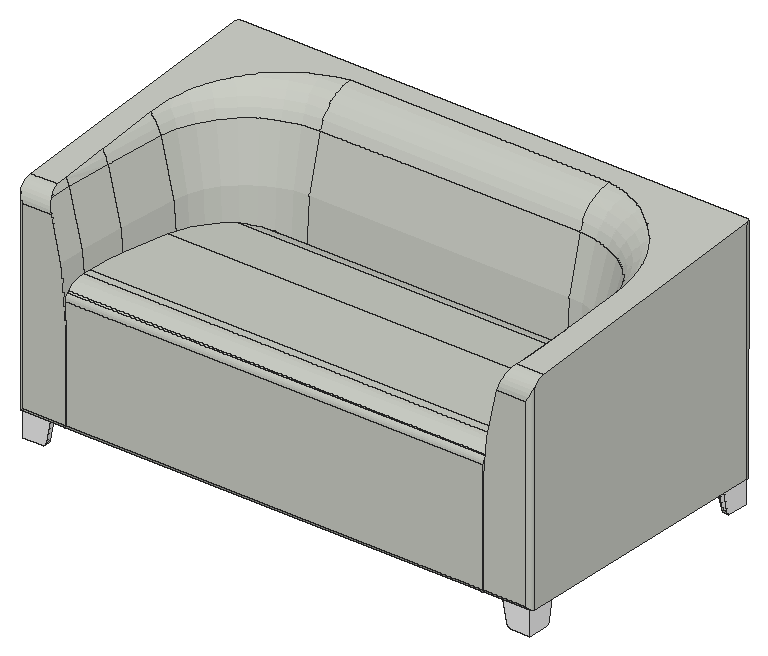
Revit family "Elan_Ellsworth_One_LoveSeat", category Furniture, Revit 2012
Parameters
  Width = 4' - 8"  # constant formula
  URL = "http://elanbydecca.com/"
  Upholstery [instance] = Furniture - DECCA (Elan) - Ellsworth - Upholstery
  Base [instance] = Furniture - DECCA (Elan) - Ellsworth - Base
  Product URL = "http://elanbydecca.com/PDFs/TearSheet/Ellsworth%20Tear%20Sheet.pdf"
  Model = "MK TL400U"
  Manufacturer = "Decca Elan"
  Height = 2' - 4"  # constant formula
  Description = "Ellsworth One Love Seat"
  Depth = 2' - 6"  # constant formula
  Assembly Description = "Furniture & Accessories"
  Assembly Code = "E2020200"
Reference planes (in)
  plane 1 "Center Front/Back": y = -0.7523997
  plane 2: z = 0
  plane 3 "Center Left/Right": x = 0
  plane 4 "F": y = -15.7523997
  plane 5: y = 14.2476003
  plane 6: through (-6.2533827, 2.3323677, 23.3895262) normal (0.4297, -0.4297, 0.7941)
  plane 7 "ST": z = 28
  plane 8 "BB": z = 2.875
  plane 9: z = 0.1875
  plane 10: x = -13.1875
  plane 11: x = 13.1875
  plane 12: y = -12.7523997
  plane 13: y = 11.2476003
  plane 14: z = 17
  plane 15: y = 6.2163396
  plane 16: x = -28
  plane 17: x = 28
Forms (in)
  Sweep 1, solid, material "Furniture - DECCA (Elan) - Ellsworth - Upholstery" <- "Upholstery"
    path origin (0, 0, 2.875) x (-1, 0, 0) y (0, -1, 0)
      loop
        line (-22.8074654, 15.7523997) -> (-22.8074654, 12.8786985)
        arc (-22.8074654, 12.8786985) -> (-22.763605, 10.3659347) -> (-22.632077, 7.8562324) r 72
        line (-22.632077, 7.8562324) -> (-22.1684186, 1.2256086)
        arc (-22.1684186, 1.2256086) -> (-19.6438931, -4.0671692) -> (-14.1879062, -6.2163396) r 8
        line (-14.1879062, -6.2163396) -> (14.1879062, -6.2163396)
        arc (14.1879062, -6.2163396) -> (19.6438931, -4.0671692) -> (22.1684186, 1.2256086) r 8
        line (22.1684186, 1.2256086) -> (22.632077, 7.8562324)
        arc (22.632077, 7.8562324) -> (22.763605, 10.3659347) -> (22.8074654, 12.8786985) r 72
        line (22.8074654, 12.8786985) -> (22.8074654, 15.7523997)
    profile origin (0, 6.2163396, 2.875) x (0, -1, 0) y (0, 0, 1)
      loop
        line (0, 0) -> (0, 10.0216963)
        arc (0, 10.0216963) -> (-0.4940232, 15.9652318) -> (-1.9625341, 21.7456425) r 36
        arc (-1.9625341, 21.7456425) -> (-3.510919, 23.9274319) -> (-5.992833, 24.9263332) r 4.75
        line (-5.992833, 24.9263332) -> (-15.5, 25.8529092) -> (-15.5, 0) -> (0, 0)
  Extrusion 2, void
    sketch origin (0, 0, 0) x (0, 1, 0) y (0, 0, 1)
      loop
        line (22.7476003, 28.8284167) -> (22.7476003, 31.5) -> (-19.7523997, 31.5) -> (-19.7523997, 0) -> (-15.2523997, 0) -> (-15.2523997, 2.875) -> (-15.4398997, 2.875)
        arc (-15.4398997, 2.875) -> (-15.6608706, 2.9665291) -> (-15.7523997, 3.1875) r 0.3125
        line (-15.7523997, 3.1875) -> (-15.7523997, 23.2616219)
        arc (-15.7523997, 23.2616219) -> (-15.2336163, 24.605496) -> (-13.9464021, 25.2521905) r 2
        line (-13.9464021, 25.2521905) -> (22.7476003, 28.8284167)
    from -30.6080079 to 29.375
  Extrusion 3, void
    sketch origin (0, 0, 2.875) x (-1, 0, 0) y (0, -1, 0)
      loop
        line (28, -13.7476003) -> (28, 15.2523997)
        arc (28, 15.2523997) -> (27.8535534, 15.6059531) -> (27.5, 15.7523997) r 0.5
        line (27.5, 15.7523997) -> (-27.5, 15.7523997)
        arc (-27.5, 15.7523997) -> (-27.8535534, 15.6059531) -> (-28, 15.2523997) r 0.5
        line (-28, 15.2523997) -> (-28, -13.7476003)
        arc (-28, -13.7476003) -> (-27.8535534, -14.1011536) -> (-27.5, -14.2476003) r 0.5
        line (-27.5, -14.2476003) -> (27.5, -14.2476003)
        arc (27.5, -14.2476003) -> (27.8535534, -14.1011536) -> (28, -13.7476003) r 0.5
      loop
        arc (27.5, -26.2476003) -> (36.3388348, -22.586435) -> (40, -13.7476003) r 12.5
        line (40, -13.7476003) -> (40, 15.2523997)
        arc (40, 15.2523997) -> (36.3388348, 24.0912345) -> (27.5, 27.7523997) r 12.5
        line (27.5, 27.7523997) -> (-27.5, 27.7523997)
        arc (-27.5, 27.7523997) -> (-36.3388348, 24.0912345) -> (-40, 15.2523997) r 12.5
        line (-40, 15.2523997) -> (-40, -13.7476003)
        arc (-40, -13.7476003) -> (-36.3388348, -22.586435) -> (-27.5, -26.2476003) r 12.5
        line (-27.5, -26.2476003) -> (27.5, -26.2476003)
    from -2.875 to 28.625
  Extrusion 4, solid, material "Furniture - DECCA (Elan) - Ellsworth - Upholstery" <- "Upholstery"
    sketch origin (0, 0, 0) x (0, 1, 0) y (0, 0, 1)
      loop
        line (6.2163396, 2.875) -> (6.2163396, 13.8704933)
        arc (6.2163396, 13.8704933) -> (6.0951567, 14.347652) -> (5.7609786, 14.7091639) r 1
        line (5.7609786, 14.7091639) -> (5.5897111, 14.8203862)
        arc (5.5897111, 14.8203862) -> (4.8088435, 15.2135656) -> (3.9612061, 15.4277039) r 4
        line (3.9612061, 15.4277039) -> (-2.4371565, 16.3159994)
        arc (-2.4371565, 16.3159994) -> (-7.3758173, 16.8287963) -> (-12.338077, 17) r 72
        line (-12.338077, 17) -> (-13.278241, 17)
        arc (-13.278241, 17) -> (-14.3533448, 16.8007413) -> (-15.2856328, 16.2294345) r 3
        line (-15.2856328, 16.2294345) -> (-15.4215303, 16.1070718)
        arc (-15.4215303, 16.1070718) -> (-15.6659452, 15.7706636) -> (-15.7523997, 15.3639269) r 1
        line (-15.7523997, 15.3639269) -> (-15.7523997, 3.1875)
        arc (-15.7523997, 3.1875) -> (-15.6608706, 2.9665291) -> (-15.4398997, 2.875) r 0.3125
        line (-15.4398997, 2.875) -> (6.2163396, 2.875)
    from -25.7897609 to 25.6587074
  Extrusion 5, void
    sketch origin (0, 0, 2.875) x (-1, 0, 0) y (0, -1, 0)
      loop
        arc (-14.1879062, -6.2163396) -> (-19.6438931, -4.0671692) -> (-22.1684186, 1.2256086) r 8
        line (-22.1684186, 1.2256086) -> (-22.632077, 7.8562324)
        arc (-22.632077, 7.8562324) -> (-22.763605, 10.3659347) -> (-22.8074654, 12.8786985) r 72
        line (-22.8074654, 12.8786985) -> (-22.8074654, 15.7523997) -> (-26.1925346, 15.7523997) -> (-26.1925346, -11.2476003) -> (26.3074654, -11.2476003) -> (26.3074654, 15.7523997) -> (22.8074654, 15.7523997) -> (22.8074654, 12.8786985)
        arc (22.8074654, 12.8786985) -> (22.763605, 10.3659347) -> (22.632077, 7.8562324) r 72
        line (22.632077, 7.8562324) -> (22.1684186, 1.2256086)
        arc (22.1684186, 1.2256086) -> (19.6438931, -4.0671692) -> (14.1879062, -6.2163396) r 8
        line (14.1879062, -6.2163396) -> (-14.1879062, -6.2163396)
    from 0 to 15.8970439
Cuts and joins
  Extrusion 2, Extrusion 3 cuts Sweep 1
  Extrusion 5 cuts Extrusion 4
Lines and regions (in)
  model lines
    curve 1: arc (0, 6.2163396, 13.8704933) -> (0, 6.0782038, 14.3776325) -> (0, 5.7019593, 14.7446635) r 1
    curve 2: arc (0, 5.5897111, 14.8203862) -> (0, 4.8088435, 15.2135656) -> (0, 3.9612061, 15.4277039) r 4
    curve 3: line (0, 3.9612061, 15.4277039) -> (0, -2.4371565, 16.3159994)
    curve 4: arc (0, -2.4371565, 16.3159994) -> (0, -7.3758173, 16.8287963) -> (0, -12.338077, 17) r 72
    curve 5: line (0, -12.338077, 17) -> (0, -13.278241, 17)
    curve 6: arc (0, -13.278241, 17) -> (0, -14.3533448, 16.8007413) -> (0, -15.2856328, 16.2294345) r 3
    curve 7: arc (0, -15.4215303, 16.1070718) -> (0, -15.6659452, 15.7706636) -> (0, -15.7523997, 15.3639269) r 1
    curve 8: line (0, -15.7523997, 15.3639269) -> (0, -15.7523997, 3.1875)
    curve 9: arc (0, -15.4398997, 2.875) -> (0, -15.6608706, 2.9665291) -> (0, -15.7523997, 3.1875) r 0.3125
Dimensions and locks (in)
  equal spacing: plane 5, plane 1 "Center Front/Back", plane 4 "F"
  "Depth": plane 5 to plane 4 "F"
  "Height": plane 7 "ST" to level
  locked: plane 12 to plane 4 "F" at 3
  locked: plane 5 to plane 13 at 3
  plane 14 to level = 1' - 5"
Automatic sketch dimensions
  Sweep 1 sketch curve to plane 4 "F" = 0' - 0"  (x2)
  plane 15 to Sweep 1 sketch curve = 0' - 0"
  plane 12 to Sweep 1 sketch curve = 0' - 0.1263"  (x2)
  Sweep 1 sketch curve to plane 11 = 0' - 9.61997"
  Sweep 1 sketch curve to plane 11 = 0' - 9.44458"
  plane 1 "Center Front/Back" to Sweep 1 sketch curve = 0' - 0.47321"  (x2)
  Sweep 1 sketch curve to plane 11 = 0' - 8.98092"
  plane 3 "Center Left/Right" to Sweep 1 sketch curve = 1' - 2.18791"
  plane 1 "Center Front/Back" to Sweep 1 sketch curve = 0' - 1 1/32"
  Sweep 1 sketch curve to plane 3 "Center Left/Right" = 1' - 2.18791"
  Sweep 1 sketch curve to plane 10 = 0' - 9.44458"
  Sweep 1 sketch curve to Sweep 1 sketch curve = 0' - 0.17539"
  Extrusion 3 sketch curve to plane 4 "F" = 0' - 0"
  Extrusion 3 sketch curve to plane 5 = 0' - 0"
  Extrusion 3 sketch curve to Extrusion 3 sketch curve = 0' - 0"  (x11)
  Sweep 1 sketch curve to plane 8 "BB" = 0' - 0"
  Sweep 1 sketch curve to profile plane = 0' - 0"
  profile plane to Sweep 1 sketch curve = 0' - 1.96253"
  Sweep 1 sketch curve to Sweep 1 sketch curve = 0' - 0"
  Sweep 1 sketch curve to Sweep 1 sketch curve = 0' - 4.0303"
  Sweep 1 sketch curve to Sweep 1 sketch curve = 0' - 0.46076"
  Sweep 1 sketch curve to Sweep 1 sketch curve = 1' - 3 1/2"
  plane 8 "BB" to Sweep 1 sketch curve = 0' - 10.0217"
  Sweep 1 sketch curve to Sweep 1 sketch curve = 1' - 8 1/2"
  Sweep 1 sketch curve to Sweep 1 sketch curve = 0' - 0.92658"
  Extrusion 4 sketch curve to plane 4 "F" = 0' - 0"
  Extrusion 4 sketch curve to plane 8 "BB" = 0' - 0"
  plane 14 to Extrusion 4 sketch curve = 0' - 0"
  Extrusion 4 sketch curve to plane 15 = 0' - 0"
  plane 4 "F" to Extrusion 4 sketch curve = 0' - 0.33087"
  Extrusion 4 sketch curve to Extrusion 4 sketch curve = 0' - 0.1359"
  plane 4 "F" to Extrusion 4 sketch curve = 0' - 0 5/16"
  Extrusion 4 sketch curve to Extrusion 4 sketch curve = 0' - 1"  (x2)
  plane 12 to Extrusion 4 sketch curve = 0' - 0.52584"
  Extrusion 4 sketch curve to plane 12 = 0' - 0.41432"
  plane 14 to Extrusion 4 sketch curve = 0' - 0.684"
  plane 1 "Center Front/Back" to Extrusion 4 sketch curve = 0' - 1.68476"
  plane 15 to Extrusion 4 sketch curve = 0' - 2.80518"
  plane 15 to Extrusion 4 sketch curve = 0' - 2.25513"
  plane 15 to Extrusion 4 sketch curve = 0' - 0.62663"
  Extrusion 4 sketch curve to Extrusion 4 sketch curve = 0' - 0.17127"
  plane 14 to Extrusion 4 sketch curve = 0' - 5.5343"
  Extrusion 4 sketch curve to Extrusion 4 sketch curve = 0' - 2.40479"
  Extrusion 4 sketch curve to Extrusion 4 sketch curve = 0' - 3"
  Extrusion 4 sketch curve to Extrusion 4 sketch curve = 0' - 0.11122"
  Extrusion 4 sketch curve to Extrusion 4 sketch curve = 0' - 0.86551"
  Extrusion 5 sketch curve to plane 13 = 0' - 0"
  Extrusion 5 sketch curve to plane 4 "F" = 0' - 0"  (x2)
  plane 15 to Extrusion 5 sketch curve = 0' - 0"
  plane 12 to Extrusion 5 sketch curve = 0' - 0.1263"  (x2)
  Extrusion 5 sketch curve to plane 11 = 0' - 9.61997"
  Extrusion 5 sketch curve to plane 11 = 0' - 9.44458"
  plane 1 "Center Front/Back" to Extrusion 5 sketch curve = 0' - 0.47321"  (x2)
  Extrusion 5 sketch curve to plane 11 = 0' - 8.98092"
  plane 3 "Center Left/Right" to Extrusion 5 sketch curve = 1' - 2.18791"
  Extrusion 5 sketch curve to plane 3 "Center Left/Right" = 1' - 2.18791"
  Extrusion 5 sketch curve to plane 10 = 0' - 8.98092"
  Extrusion 5 sketch curve to plane 10 = 0' - 9.44458"
  Extrusion 5 sketch curve to Extrusion 5 sketch curve = 0' - 0.17539"
  Extrusion 2 sketch curve to level = 0' - 0"
  Extrusion 2 sketch curve to plane 4 "F" = 0' - 0"
  Extrusion 2 sketch curve to plane 8 "BB" = 0' - 0"
  Extrusion 2 sketch curve to plane 4 "F" = 0' - 4"
  Extrusion 2 sketch curve to Extrusion 2 sketch curve = 0' - 0 5/16"
  Extrusion 2 sketch curve to Extrusion 2 sketch curve = 0' - 0 3/16"
  plane 12 to Extrusion 2 sketch curve = 0' - 1.194"
  plane 12 to Extrusion 2 sketch curve = 0' - 1"
  plane 7 "ST" to Extrusion 2 sketch curve = 0' - 3 1/2"
  plane 5 to Extrusion 2 sketch curve = 0' - 8 1/2"
  Extrusion 2 sketch curve to plane 7 "ST" = 0' - 4.73838"
  plane 7 "ST" to Extrusion 2 sketch curve = 0' - 0.82842"
  curve 1 to plane 15 = 0' - 0"
  plane 15 to curve 1 = 0' - 0.51438"
  curve 1 to curve 1 = 0' - 1"
  plane 14 to curve 1 = 0' - 3.12951"
  curve 2 to curve 1 = 0' - 1.74075"
  plane 15 to curve 2 = 0' - 2.80518"
  plane 14 to curve 3 = 0' - 0.684"
  plane 1 "Center Front/Back" to curve 3 = 0' - 1.68476"
  curve 2 to curve 1 = 0' - 0.11225"
  curve 2 to curve 1 = 0' - 2.40479"
  curve 1 to curve 2 = 0' - 0.07572"
  plane 14 to curve 4 = 0' - 0"
  curve 4 to curve 3 = 0' - 9.90092"
  plane 12 to curve 5 = 0' - 0.52584"
  plane 4 "F" to curve 6 = 0' - 0.46677"
  plane 14 to curve 6 = 0' - 3"
  curve 8 to plane 4 "F" = 0' - 0"
  curve 7 to curve 6 = 0' - 0.1359"
  plane 4 "F" to curve 7 = 0' - 1"
  plane 8 "BB" to curve 8 = 0' - 0 5/16"
  curve 7 to curve 6 = 0' - 0.86551"
  curve 9 to plane 8 "BB" = 0' - 0"
  Sweep 1 sketch curve to plane 16 = 1' - 9.19253"
  Extrusion 3 sketch curve to plane 16 = 0' - 0"
  plane 16 to Extrusion 3 sketch curve = 0' - 0 1/2"  (x2)
  plane 16 to Extrusion 5 sketch curve = 0' - 1.69253"
  Extrusion 5 sketch curve to plane 16 = 1' - 9.19253"
  Sweep 1 sketch curve to plane 17 = 1' - 9.19253"
  Extrusion 3 sketch curve to plane 17 = 0' - 0"
  Extrusion 3 sketch curve to plane 5 = 0' - 0 1/2"
  Extrusion 3 sketch curve to plane 17 = 1' - 0"
  plane 4 "F" to Extrusion 3 sketch curve = 0' - 0 1/2"
  plane 17 to Extrusion 5 sketch curve = 0' - 1.80747"
  Extrusion 5 sketch curve to plane 17 = 1' - 9.19253"
Nested families (in)
  nested 1: "Elan_Ellsworth_One_LoungeLEG" at (-27.6875, -14.6875, 0), Base <- "Base", type "Elan_Ellsworth_One_LoungeLEG"
    with Upholstery Furniture - DECCA (Elan) - Ellsworth - Upholstery, Base Furniture - DECCA (Elan) - Ellsworth - Base
  nested 2: "Elan_Ellsworth_One_LoungeLEG" at (-27.6875, 13.1827005, 0), Base <- "Base", type "Elan_Ellsworth_One_LoungeLEG"
    with Upholstery Furniture - DECCA (Elan) - Ellsworth - Upholstery, Base Furniture - DECCA (Elan) - Ellsworth - Base
  nested 3: "Elan_Ellsworth_One_LoungeLEG" at (27.6875, -14.6875, 0) x (-1, 0, 0) z (0, 0, 1), Base <- "Base", type "Elan_Ellsworth_One_LoungeLEG"
    with Upholstery Furniture - DECCA (Elan) - Ellsworth - Upholstery, Base Furniture - DECCA (Elan) - Ellsworth - Base
  nested 4: "Elan_Ellsworth_One_LoungeLEG" at (27.6875, 13.1827005, 0) x (-1, 0, 0) z (0, 0, 1), Base <- "Base", type "Elan_Ellsworth_One_LoungeLEG"
    with Upholstery Furniture - DECCA (Elan) - Ellsworth - Upholstery, Base Furniture - DECCA (Elan) - Ellsworth - Base
Definition of nested family "Elan_Ellsworth_One_LoungeLEG"
  Parameters (values of type "Elan_Ellsworth_One_LoungeLEG")
    WoodBack = no
    Width = 2' - 9"  # constant formula
    URL = "http://elanbydecca.com/"
    Upholstery [instance] = Furniture - DECCA (Elan) - Ellsworth - Upholstery
    Base [instance] = Furniture - DECCA (Elan) - Ellsworth - Base
    Product URL = "http://elanbydecca.com/PDFs/elan_tearsheet-ava.pdf"
    Model = "MK TC300V"
    Manufacturer = "Decca Elan"
    Height = 2' - 4"  # constant formula
    Description = "Ellsworth One Lounge Chair"
    Depth = 2' - 6"  # constant formula
    Assembly Description = "Furniture & Accessories"
    Assembly Code = "E2020200"
    Back = Furniture - DECCA (Elan) - Ellsworth - Base
  Reference planes (in)
    plane 1 "Center Front/Back": y = -0.7523997
    plane 2: z = 0
    plane 3 "Center Left/Right": x = 0
    plane 4 "L": x = -16.5
    plane 5 "R": x = 16.5
    plane 6 "F": y = -15.7523997
    plane 7: y = 14.2476003
    plane 8: through (-6.2533827, 2.3323677, 23.3895262) normal (0.4297, -0.4297, 0.7941)
    plane 9 "ST": z = 28
    plane 10 "BB": z = 2.875
    plane 11: z = 0.1875
    plane 12: x = -16.1875
    plane 13: x = -13.1875
    plane 14: x = 16.1875
    plane 15: x = 13.1875
    plane 16: y = -12.7523997
    plane 17: y = 11.2476003
    plane 18: z = 17
    plane 19: y = 6.2163396
    plane 20: z = 0.6593324
    plane 21: through (0, 2.2476017, 2.875) normal (0, -0.9824, 0.1869)
    plane 22: through (2.999999, -180, 2.875) normal (0.9828, 0, -0.1848)
    plane 23: x = 2.4946838
    plane 24: y = 1.7363503
  Forms (in)
    Blend 1, solid, material "Furniture - DECCA (Elan) - Ellsworth - Base" <- "Base"
      base sketch origin (0, 0, 2.875) x (-1, 0, 0) y (0, -1, 0)
        loop
          line (-0.5000042, -2.2476017) -> (0, -2.2476026) -> (0, 0.7523997) -> (-2.999999, 0.7523997) -> (-2.9999998, 0.262259) -> (-0.5000042, -2.2476017)
      top sketch origin (0, 0, 2.875) x (-1, 0, 0) y (0, -1, 0)
        loop
          line (-2.4946838, 0.7523997) -> (-2.4946838, 0.3004153) -> (-0.4624296, -1.7363503) -> (0, -1.7363503) -> (0, 0.7523997) -> (-2.4946838, 0.7523997)
      from 0 to -2.6875
    Extrusion 2, void
      sketch origin (0, -0.0063477, 0.0063477) x (0, 1, 0) y (0, 0, 1)
        loop
          line (1.3225002, 0.1875) -> (-0.9359935, 0.1875) -> (-0.9359935, 0.0976562) -> (1.810714, 0.0976562) -> (2.3814143, 3.0976562) -> (2.2899593, 3.0976562) -> (1.8136914, 0.594059)
          arc (1.8136914, 0.594059) -> (1.6413101, 0.3023244) -> (1.3225002, 0.1875) r 0.5
      from -0.4547494 to 3.2404058
    Revolve 3, solid, material "Furniture - DECCA (Elan) - Ellsworth - Base" <- "Base"
      sketch origin (0.8388278, 0, 0) x (0, 1, 0) y (0, 0, 1)
        loop
          line (0.6764794, 0.1934276) -> (0.3024636, 0.1934276) -> (0.3024636, 0) -> (0.6121304, 0)
          arc (0.6121304, 0) -> (0.657632, 0.0188474) -> (0.6764794, 0.064349) r 0.064349
          line (0.6764794, 0.064349) -> (0.6764794, 0.1934276)
        axis (0.3024636, 0) -> (0.3024636, 0.1934276)
      angle from 0 to 360
    Extrusion 4, void
      sketch origin (-0.0043945, -16.4217555, 0.0131836) x (1, 0, 0) y (0, 0, -1)
        loop
          line (-0.25, -0.1875) -> (2.0799345, -0.1875)
          arc (2.0799345, -0.1875) -> (2.3991549, -0.3026646) -> (2.5713238, -0.5951069) r 0.5
          line (2.5713238, -0.5951069) -> (3.064398, -3.2175039) -> (3.064398, 0.0625) -> (-0.25, 0.0625) -> (-0.25, -0.1875)
      from 15.0815486 to 18.9193558
  Cuts and joins
    Extrusion 2, Extrusion 4 cuts Blend 1
  Dimensions and locks (in)
    equal spacing: plane 7, plane 1 "Center Front/Back", plane 6 "F"
    "Depth": plane 7 to plane 6 "F"
    "Height": plane 9 "ST" to level
    equal spacing: plane 4 "L", plane 3 "Center Left/Right", plane 5 "R"
    "Width": plane 4 "L" to plane 5 "R"
    locked: plane 12 to plane 4 "L" at 0.3125
    locked: plane 13 to plane 12 at 3
    locked: plane 15 to plane 14 at 3
    locked: plane 14 to plane 5 "R" at 0.3125
    locked: plane 16 to plane 6 "F" at 3
    locked: plane 7 to plane 17 at 3
    plane 18 to level = 1' - 5"
  Automatic sketch dimensions
    plane 1 "Center Front/Back" to Blend 1 sketch curve = 0' - 0"  (x2)
    Blend 1 sketch curve to plane 3 "Center Left/Right" = 0' - 0"  (x2)
    plane 3 "Center Left/Right" to Blend 1 sketch curve = 0' - 0 1/2"
    Blend 1 sketch curve to plane 23 = 0' - 0.50532"
    Blend 1 sketch curve to Blend 1 sketch curve = 0' - 0"  (x2)
    Blend 1 sketch curve to plane 1 "Center Front/Back" = 0' - 0.49014"
    plane 24 to Blend 1 sketch curve = 0' - 0.51125"
    Blend 1 sketch curve to plane 23 = 0' - 0"
    Blend 1 sketch curve to plane 24 = 0' - 0"
    plane 3 "Center Left/Right" to Blend 1 sketch curve = 0' - 0.46243"
    Blend 1 sketch curve to Blend 1 sketch curve = 0' - 0.45198"
    plane 11 to Extrusion 2 sketch curve = 0' - 0.00635"
    plane 1 "Center Front/Back" to Extrusion 2 sketch curve = 0' - 0.18994"
    Extrusion 2 sketch curve to plane 24 = 0' - 0.4202"
    plane 24 to Extrusion 2 sketch curve = 0' - 0.06802"
    plane 20 to Extrusion 2 sketch curve = 0' - 0.05893"
    plane 24 to Extrusion 2 sketch curve = 0' - 0.07099"
    plane 10 "BB" to Extrusion 2 sketch curve = 0' - 0.229"
    plane 24 to Extrusion 2 sketch curve = 0' - 0.54726"
    Extrusion 2 sketch curve to Extrusion 2 sketch curve = 0' - 0.09145"
    Extrusion 2 sketch curve to plane 11 = 0' - 0.0835"
    Revolve 3 sketch curve to level = 0' - 0"
    plane 11 to Revolve 3 sketch curve = 0' - 0.00593"
    plane 11 to Revolve 3 sketch curve = 0' - 0.14484"
    Revolve 3 sketch curve to plane 1 "Center Front/Back" = 0' - 1.05486"
    Revolve 3 sketch curve to Revolve 3 sketch curve = 0' - 0"
    Revolve 3 sketch curve to Revolve 3 sketch curve = 0' - 0.30967"
    Revolve 3 sketch curve to Revolve 3 sketch curve = 0' - 0.06435"
    Revolve 3 sketch curve to Revolve 3 sketch curve = 0' - 0.0701"
    Extrusion 4 sketch curve to plane 11 = 0' - 0.01318"
    plane 22 to Extrusion 4 sketch curve = 0' - 0.00675"  (x2)
    plane 3 "Center Left/Right" to Extrusion 4 sketch curve = 0' - 0.25439"
    Extrusion 4 sketch curve to plane 23 = 0' - 0.41914"
    plane 23 to Extrusion 4 sketch curve = 0' - 0.07225"
    Extrusion 4 sketch curve to plane 10 "BB" = 0' - 0.35569"
    level to Extrusion 4 sketch curve = 0' - 0.04932"
